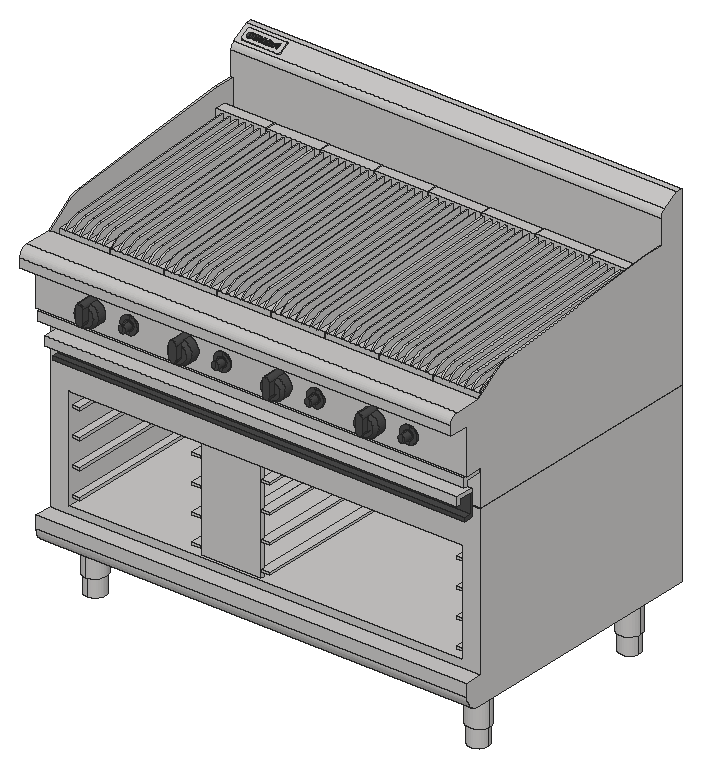
Revit family "QF_MOFFAT WALDORF_CH8120G-CB", category Specialty Equipment, Revit 2012 (continued)
Automatic sketch dimensions
  curve 101 to curve 104 = 20 mm
  curve 103 to curve 108 = 7 mm
  curve 105 to curve 106 = 20 mm
  curve 106 to curve 110 = 7 mm
  curve 109 to curve 111 = 20 mm
  curve 110 to curve 113 = 7 mm
  curve 113 to curve 115 = 20 mm
  curve 114 to curve 118 = 7 mm
  curve 117 to curve 119 = 20 mm
  curve 119 to curve 124 = 7 mm
  curve 121 to curve 123 = 20 mm
  curve 123 to curve 125 = 7 mm
  curve 125 to curve 128 = 20 mm
  curve 126 to curve 130 = 7 mm
  curve 129 to curve 130 = 20 mm
  curve 131 to curve 136 = 7 mm
  curve 133 to curve 136 = 20 mm
  curve 134 to curve 137 = 7 mm
  curve 137 to curve 140 = 20 mm
  curve 139 to curve 144 = 7 mm
  curve 141 to curve 143 = 20 mm
  curve 142 to curve 145 = 7 mm
  curve 145 to curve 148 = 20 mm
  curve 146 to curve 149 = 7 mm
  curve 149 to curve 152 = 20 mm
  plane 4 "RIGHT" to curve 64 = 3 mm
  curve 62 to plane 5 "FRONT" = 100 mm
  curve 63 to curve 6 = 49.042 mm
  curve 9 to curve 7 = 30.277 mm
  plane 1 "BACK" to curve 145 = 50.526 mm
  curve 146 to curve 149 = 0 mm
  curve 143 to curve 145 = 0 mm  (x2)
  curve 8 to curve 10 = 0.709 mm
  curve 139 to curve 141 = 0 mm  (x2)
  curve 11 to curve 14 = 0 mm
  curve 135 to curve 137 = 0 mm  (x2)
  curve 15 to curve 18 = 0 mm
  curve 131 to curve 133 = 0 mm  (x2)
  curve 19 to curve 22 = 0 mm
  curve 127 to curve 129 = 0 mm  (x2)
  curve 23 to curve 26 = 0 mm
  curve 123 to curve 125 = 0 mm  (x2)
  curve 27 to curve 30 = 0 mm
  curve 119 to curve 121 = 0 mm  (x2)
  curve 31 to curve 34 = 0 mm
  curve 115 to curve 117 = 0 mm  (x2)
  curve 35 to curve 38 = 0 mm
  curve 111 to curve 113 = 0 mm  (x2)
  curve 39 to curve 42 = 0 mm
  curve 107 to curve 109 = 0 mm  (x2)
  curve 43 to curve 46 = 0 mm
  curve 103 to curve 105 = 0 mm  (x2)
  curve 47 to curve 50 = 0 mm
  curve 99 to curve 101 = 0 mm  (x2)
  curve 51 to curve 54 = 0 mm
  curve 95 to curve 97 = 0 mm  (x2)
  curve 55 to curve 58 = 0 mm
  plane 1 "BACK" to curve 74 = 50.526 mm
  curve 91 to curve 93 = 0 mm  (x2)
  curve 59 to curve 65 = 0 mm
  curve 87 to curve 89 = 0 mm  (x2)
  curve 66 to curve 69 = 0 mm
  curve 83 to curve 85 = 0 mm  (x2)
  curve 79 to curve 81 = 0 mm  (x2)
  plane 1 "BACK" to curve 152 = 22.262 mm
  plane 1 "BACK" to curve 79 = 22.262 mm
  plane 1 "BACK" to curve 76 = 22.262 mm
  plane 1 "BACK" to curve 72 = 22.262 mm
  plane 1 "BACK" to curve 68 = 22.262 mm
  plane 1 "BACK" to curve 61 = 22.262 mm
  plane 1 "BACK" to curve 57 = 22.262 mm
  plane 1 "BACK" to curve 53 = 22.262 mm
  plane 1 "BACK" to curve 49 = 22.262 mm
  plane 1 "BACK" to curve 45 = 22.262 mm
  plane 1 "BACK" to curve 41 = 22.262 mm
  plane 1 "BACK" to curve 37 = 22.262 mm
  plane 1 "BACK" to curve 33 = 22.262 mm
  plane 1 "BACK" to curve 29 = 22.262 mm
  plane 1 "BACK" to curve 25 = 22.262 mm
  plane 1 "BACK" to curve 21 = 22.262 mm
  plane 1 "BACK" to curve 17 = 22.262 mm
  curve 13 to curve 7 = 1.304 mm
  Extrusion 1 sketch curve to plane 5 "FRONT" = 0 mm
  Extrusion 1 sketch curve to plane 6 "TOP" = 0 mm
  Extrusion 1 sketch curve to plane 1 "BACK" = 0 mm  (x2)
  Extrusion 1 sketch curve to plane 5 "FRONT" = 24 mm
  Extrusion 1 sketch curve to Extrusion 1 sketch curve = 32 mm
  Extrusion 1 sketch curve to plane 5 "FRONT" = 56 mm
  Extrusion 1 sketch curve to Extrusion 1 sketch curve = 38 mm
  Extrusion 1 sketch curve to Extrusion 1 sketch curve = 44 mm
  Extrusion 1 sketch curve to plane 5 "FRONT" = 106 mm
  Extrusion 1 sketch curve to Extrusion 1 sketch curve = 50 mm
  plane 1 "BACK" to Extrusion 1 sketch curve = 135.7 mm
  plane 1 "BACK" to Extrusion 1 sketch curve = 70 mm
  Extrusion 1 sketch curve to Extrusion 1 sketch curve = 11.291 mm  (x2)
  Extrusion 1 sketch curve to Extrusion 1 sketch curve = 16.5 mm
  Extrusion 1 sketch curve to plane 6 "TOP" = 24.369 mm
  Extrusion 1 sketch curve to plane 6 "TOP" = 215 mm
  Extrusion 1 sketch curve to Extrusion 1 sketch curve = 40 mm
  Extrusion 1 sketch curve to Extrusion 1 sketch curve = 25 mm
  Extrusion 1 sketch curve to Extrusion 1 sketch curve = 126 mm
  Extrusion 1 sketch curve to Extrusion 1 sketch curve = 100 mm
  Extrusion 1 sketch curve to Extrusion 1 sketch curve = 0.794 mm
  Extrusion 1 sketch curve to Extrusion 1 sketch curve = 54.206 mm
  level to Extrusion 1 sketch curve = 222.5 mm
  Extrusion 1 sketch curve to Extrusion 1 sketch curve = 34.5 mm
  Revolve 2 sketch curve to level = 0 mm
  level to Revolve 2 sketch curve = 50 mm
  Revolve 2 sketch curve to Revolve 2 sketch curve = 0 mm
  Revolve 2 sketch curve to Revolve 2 sketch curve = 100 mm
  Revolve 2 sketch curve to Revolve 2 sketch curve = 55 mm
  Extrusion 1 to Split face 1 sketch curve = 1.962 mm
  Split face 1 sketch curve to Extrusion 1 = 14.14 mm
  Split face 1 sketch curve to Extrusion 1 = 129.583 mm
  Split face 1 sketch curve to Split face 1 sketch curve = 20 mm
  Extrusion 1 to Split face 2 sketch curve = 1.962 mm
  Split face 2 sketch curve to Extrusion 1 = 14.14 mm
  Split face 2 sketch curve to Extrusion 1 = 156.5 mm
  Split face 2 sketch curve to Split face 2 sketch curve = 20 mm
  Extrusion 1 to Split face 3 sketch curve = 1.962 mm
  Split face 3 sketch curve to Extrusion 1 = 14.14 mm
  Split face 3 sketch curve to Extrusion 1 = 183.5 mm
  Split face 3 sketch curve to Split face 3 sketch curve = 20 mm
  Extrusion 1 to Split face 4 sketch curve = 1.962 mm
  Split face 4 sketch curve to Extrusion 1 = 14.14 mm
  Split face 4 sketch curve to Extrusion 1 = 210.5 mm
  Split face 4 sketch curve to Split face 4 sketch curve = 20 mm
  Extrusion 1 to Split face 5 sketch curve = 1.962 mm
  Split face 5 sketch curve to Extrusion 1 = 14.14 mm
  Split face 5 sketch curve to Extrusion 1 = 237.5 mm
  Split face 5 sketch curve to Split face 5 sketch curve = 20 mm
  Extrusion 1 to Split face 6 sketch curve = 1.962 mm
  Split face 6 sketch curve to Extrusion 1 = 14.14 mm
  Split face 6 sketch curve to Extrusion 1 = 264.5 mm
  Split face 6 sketch curve to Split face 6 sketch curve = 20 mm
  Extrusion 1 to Split face 7 sketch curve = 1.962 mm
  Split face 7 sketch curve to Extrusion 1 = 14.14 mm
  Split face 7 sketch curve to Extrusion 1 = 291.5 mm
  Split face 7 sketch curve to Split face 7 sketch curve = 20 mm
  Extrusion 1 to Split face 8 sketch curve = 1.962 mm
  Split face 8 sketch curve to Extrusion 1 = 14.14 mm
  Split face 8 sketch curve to Extrusion 1 = 318.5 mm
  Split face 8 sketch curve to Split face 8 sketch curve = 20 mm
  Extrusion 1 to Split face 9 sketch curve = 1.962 mm
  Split face 9 sketch curve to Extrusion 1 = 14.14 mm
  Split face 9 sketch curve to Extrusion 1 = 345.5 mm
  Split face 9 sketch curve to Split face 9 sketch curve = 20 mm
  Extrusion 1 to Split face 10 sketch curve = 1.962 mm
  Split face 10 sketch curve to Extrusion 1 = 14.14 mm
  Split face 10 sketch curve to Extrusion 1 = 372.579 mm
  Split face 10 sketch curve to Split face 10 sketch curve = 20 mm
  Extrusion 1 to Split face 11 sketch curve = 1.962 mm
  Split face 11 sketch curve to Extrusion 1 = 14.14 mm
  Split face 11 sketch curve to Extrusion 1 = 399.534 mm
  Split face 11 sketch curve to Split face 11 sketch curve = 20 mm
  Revolve 3 sketch curve to level = 0 mm
  level to Revolve 3 sketch curve = 50 mm
  Revolve 3 sketch curve to Revolve 3 sketch curve = 0 mm
  Revolve 3 sketch curve to Revolve 3 sketch curve = 100 mm
  Revolve 3 sketch curve to Revolve 3 sketch curve = 55 mm
  Revolve 4 sketch curve to level = 0 mm
  level to Revolve 4 sketch curve = 50 mm
  Revolve 4 sketch curve to plane 5 "FRONT" = 148.25 mm
  Revolve 4 sketch curve to Revolve 4 sketch curve = 4.25 mm
  Revolve 4 sketch curve to Revolve 4 sketch curve = 31.75 mm
  Revolve 4 sketch curve to Revolve 4 sketch curve = 0 mm  (x2)
  Revolve 4 sketch curve to Revolve 4 sketch curve = 55 mm
  Revolve 4 sketch curve to Revolve 4 sketch curve = 100 mm
  Revolve 5 sketch curve to level = 0 mm
  level to Revolve 5 sketch curve = 50 mm
  plane 1 "BACK" to Revolve 5 sketch curve = 131.766 mm
  Revolve 5 sketch curve to Revolve 5 sketch curve = 4.25 mm
  Revolve 5 sketch curve to Revolve 5 sketch curve = 31.75 mm
  Revolve 5 sketch curve to Revolve 5 sketch curve = 0 mm  (x2)
  Revolve 5 sketch curve to Revolve 5 sketch curve = 55 mm
  Revolve 5 sketch curve to Revolve 5 sketch curve = 100 mm
  Extrusion 6 sketch curve to plane 5 "FRONT" = 100 mm
  Extrusion 6 sketch curve to Extrusion 6 sketch curve = 64.494 mm
  Extrusion 6 sketch curve to Extrusion 6 sketch curve = 40.449 mm
  Extrusion 6 sketch curve to Extrusion 6 sketch curve = 50.034 mm
  plane 1 "BACK" to Extrusion 6 sketch curve = 121.455 mm
  Extrusion 6 sketch curve to Extrusion 6 sketch curve = 51.455 mm
  Extrusion 6 sketch curve to plane 6 "TOP" = 256.424 mm
  Extrusion 6 sketch curve to Extrusion 6 sketch curve = 1.424 mm
  Extrusion 6 sketch curve to Extrusion 6 sketch curve = 40 mm
  Extrusion 6 sketch curve to Extrusion 6 sketch curve = 45.159 mm
  Extrusion 6 sketch curve to plane 6 "TOP" = 110.8 mm
  Extrusion 7 sketch curve to plane 5 "FRONT" = 100 mm
  Extrusion 7 sketch curve to Extrusion 7 sketch curve = 64.494 mm
  Extrusion 7 sketch curve to Extrusion 7 sketch curve = 40.449 mm
  Extrusion 7 sketch curve to Extrusion 7 sketch curve = 9.585 mm
  plane 1 "BACK" to Extrusion 7 sketch curve = 121.455 mm
  Extrusion 7 sketch curve to Extrusion 7 sketch curve = 51.455 mm
  Extrusion 7 sketch curve to plane 6 "TOP" = 110.8 mm
  Extrusion 7 sketch curve to plane 6 "TOP" = 156.884 mm
  Extrusion 7 sketch curve to Extrusion 7 sketch curve = 12.957 mm
  Extrusion 7 sketch curve to Extrusion 7 sketch curve = 45.159 mm
  Extrusion 7 sketch curve to Extrusion 7 sketch curve = 40 mm
  Revolve 8 sketch curve to plane 5 "FRONT" = 12 mm
  Revolve 8 sketch curve to Revolve 8 sketch curve = 0 mm  (x2)
  Revolve 8 sketch curve to Revolve 8 sketch curve = 11 mm
  Revolve 8 sketch curve to Revolve 8 sketch curve = 12.7 mm
  Revolve 8 sketch curve to Revolve 8 sketch curve = 23 mm
  Revolve 8 sketch curve to Revolve 8 sketch curve = 10 mm
  Revolve 8 sketch curve to plane 6 "TOP" = 333 mm
  Revolve 8 sketch curve to Revolve 8 sketch curve = 5 mm
  Revolve 8 sketch curve to Revolve 8 sketch curve = 26.651 mm
  Revolve 8 sketch curve to Revolve 8 sketch curve = 5.849 mm
  plane 3 "LEFT" to Extrusion 9 sketch curve = 158.187 mm
  Extrusion 9 sketch curve to Extrusion 9 sketch curve = 10 mm
  Extrusion 9 sketch curve to plane 6 "TOP" = 341 mm
  Extrusion 9 sketch curve to Extrusion 9 sketch curve = 35 mm
  Revolve 10 sketch curve to plane 5 "FRONT" = 12 mm
  Revolve 10 sketch curve to Revolve 10 sketch curve = 0 mm  (x2)
  Revolve 10 sketch curve to Revolve 10 sketch curve = 11 mm
  Revolve 10 sketch curve to Revolve 10 sketch curve = 12.7 mm
  Revolve 10 sketch curve to Revolve 10 sketch curve = 23 mm
  Revolve 10 sketch curve to Revolve 10 sketch curve = 10 mm
  Revolve 10 sketch curve to plane 6 "TOP" = 300.5 mm
  Revolve 10 sketch curve to Revolve 10 sketch curve = 5.849 mm
  Revolve 10 sketch curve to Revolve 10 sketch curve = 27.5 mm
  Revolve 10 sketch curve to Revolve 10 sketch curve = 5 mm
  Extrusion 11 sketch curve to plane 7 "Center Y" = 162.102 mm
  Extrusion 11 sketch curve to Extrusion 11 sketch curve = 10 mm
  Extrusion 11 sketch curve to plane 6 "TOP" = 306 mm
  Extrusion 11 sketch curve to Extrusion 11 sketch curve = 35 mm
  Revolve 12 sketch curve to plane 5 "FRONT" = 20.12 mm
  Revolve 12 sketch curve to Revolve 12 sketch curve = 6.83 mm
  Revolve 12 sketch curve to Revolve 12 sketch curve = 15.2 mm
  Revolve 12 sketch curve to Revolve 12 sketch curve = 1.144 mm
  Revolve 12 sketch curve to Revolve 12 sketch curve = 3.85 mm
  Revolve 12 sketch curve to Revolve 12 sketch curve = 0 mm  (x2)
  Revolve 12 sketch curve to Revolve 12 sketch curve = 10 mm
  Revolve 12 sketch curve to plane 6 "TOP" = 333 mm
  Revolve 12 sketch curve to Revolve 12 sketch curve = 5 mm
  Revolve 12 sketch curve to Revolve 12 sketch curve = 4.825 mm
  Revolve 12 sketch curve to Revolve 12 sketch curve = 3.025 mm
  Revolve 12 sketch curve to Revolve 12 sketch curve = 11.15 mm
  Revolve 13 sketch curve to plane 5 "FRONT" = 20.12 mm
  Revolve 13 sketch curve to Revolve 13 sketch curve = 6.83 mm
  Revolve 13 sketch curve to Revolve 13 sketch curve = 15.2 mm
  Revolve 13 sketch curve to Revolve 13 sketch curve = 1.144 mm
  Revolve 13 sketch curve to Revolve 13 sketch curve = 3.85 mm
  Revolve 13 sketch curve to Revolve 13 sketch curve = 0 mm  (x2)
  Revolve 13 sketch curve to Revolve 13 sketch curve = 10 mm
  Revolve 13 sketch curve to plane 6 "TOP" = 333 mm
  Revolve 13 sketch curve to Revolve 13 sketch curve = 5 mm
  Revolve 13 sketch curve to Revolve 13 sketch curve = 4.825 mm
  Revolve 13 sketch curve to Revolve 13 sketch curve = 3.025 mm
  Revolve 13 sketch curve to Revolve 13 sketch curve = 11.15 mm
  Extrusion 14 sketch curve to plane 5 "FRONT" = 128 mm
  Extrusion 14 sketch curve to Extrusion 14 sketch curve = 46.148 mm
  Extrusion 14 sketch curve to Extrusion 14 sketch curve = 50.262 mm
  plane 1 "BACK" to Extrusion 14 sketch curve = 132 mm
  Extrusion 14 sketch curve to plane 6 "TOP" = 265.155 mm
  Extrusion 14 sketch curve to plane 6 "TOP" = 219.636 mm
  Extrusion 14 sketch curve to Extrusion 14 sketch curve = 52.486 mm
  Extrusion 15 sketch curve to plane 5 "FRONT" = 128 mm
  Extrusion 15 sketch curve to Extrusion 15 sketch curve = 46.148 mm
  Extrusion 15 sketch curve to Extrusion 15 sketch curve = 50.262 mm
  plane 1 "BACK" to Extrusion 15 sketch curve = 132 mm
  Extrusion 15 sketch curve to plane 6 "TOP" = 265.155 mm
  Extrusion 15 sketch curve to plane 6 "TOP" = 219.636 mm
  Extrusion 15 sketch curve to Extrusion 15 sketch curve = 52.486 mm
  Extrusion 16 sketch curve to plane 5 "FRONT" = 128 mm
  Extrusion 16 sketch curve to Extrusion 16 sketch curve = 46.148 mm
  Extrusion 16 sketch curve to Extrusion 16 sketch curve = 50.262 mm
  plane 1 "BACK" to Extrusion 16 sketch curve = 132 mm
  Extrusion 16 sketch curve to plane 6 "TOP" = 265.155 mm
  Extrusion 16 sketch curve to plane 6 "TOP" = 219.636 mm
  Extrusion 16 sketch curve to Extrusion 16 sketch curve = 52.486 mm
  Extrusion 17 sketch curve to plane 5 "FRONT" = 128 mm
  Extrusion 17 sketch curve to Extrusion 17 sketch curve = 46.148 mm
  Extrusion 17 sketch curve to Extrusion 17 sketch curve = 4.114 mm
  plane 1 "BACK" to Extrusion 17 sketch curve = 132 mm
  Extrusion 17 sketch curve to plane 6 "TOP" = 265.155 mm
  Extrusion 17 sketch curve to plane 6 "TOP" = 219.636 mm
  Extrusion 17 sketch curve to Extrusion 17 sketch curve = 52.486 mm
  Extrusion 18 sketch curve to plane 5 "FRONT" = 128 mm
  Extrusion 18 sketch curve to Extrusion 18 sketch curve = 46.148 mm
  Extrusion 18 sketch curve to Extrusion 18 sketch curve = 50.262 mm
  plane 1 "BACK" to Extrusion 18 sketch curve = 132 mm
  Extrusion 18 sketch curve to plane 6 "TOP" = 265.155 mm
  Extrusion 18 sketch curve to plane 6 "TOP" = 219.636 mm
  Extrusion 18 sketch curve to Extrusion 18 sketch curve = 52.486 mm
  Extrusion 19 sketch curve to plane 5 "FRONT" = 128 mm
  Extrusion 19 sketch curve to Extrusion 19 sketch curve = 46.148 mm
  Extrusion 19 sketch curve to Extrusion 19 sketch curve = 50.262 mm
  plane 1 "BACK" to Extrusion 19 sketch curve = 132 mm
  Extrusion 19 sketch curve to plane 6 "TOP" = 265.155 mm
  Extrusion 19 sketch curve to plane 6 "TOP" = 219.636 mm
  Extrusion 19 sketch curve to Extrusion 19 sketch curve = 52.486 mm
  Extrusion 20 sketch curve to plane 5 "FRONT" = 128 mm
  Extrusion 20 sketch curve to Extrusion 20 sketch curve = 46.148 mm
  Extrusion 20 sketch curve to Extrusion 20 sketch curve = 50.262 mm
  plane 1 "BACK" to Extrusion 20 sketch curve = 132 mm
  Extrusion 20 sketch curve to plane 6 "TOP" = 265.155 mm
  Extrusion 20 sketch curve to plane 6 "TOP" = 219.636 mm
  Extrusion 20 sketch curve to Extrusion 20 sketch curve = 52.486 mm
  Extrusion 21 sketch curve to plane 5 "FRONT" = 128 mm
  Extrusion 21 sketch curve to Extrusion 21 sketch curve = 46.148 mm
  Extrusion 21 sketch curve to Extrusion 21 sketch curve = 4.114 mm
  plane 1 "BACK" to Extrusion 21 sketch curve = 132 mm
  Extrusion 21 sketch curve to plane 6 "TOP" = 265.155 mm
  Extrusion 21 sketch curve to plane 6 "TOP" = 219.636 mm
  Extrusion 21 sketch curve to Extrusion 21 sketch curve = 52.486 mm
  Extrusion 22 sketch curve to plane 5 "FRONT" = 128 mm
  Extrusion 22 sketch curve to Extrusion 22 sketch curve = 46.148 mm
  Extrusion 22 sketch curve to Extrusion 22 sketch curve = 50.262 mm
  plane 1 "BACK" to Extrusion 22 sketch curve = 132 mm
  Extrusion 22 sketch curve to plane 6 "TOP" = 265.155 mm
  Extrusion 22 sketch curve to plane 6 "TOP" = 219.636 mm
  Extrusion 22 sketch curve to Extrusion 22 sketch curve = 52.486 mm
  Extrusion 23 sketch curve to plane 5 "FRONT" = 128 mm
  Extrusion 23 sketch curve to Extrusion 23 sketch curve = 46.148 mm
  Extrusion 23 sketch curve to Extrusion 23 sketch curve = 4.114 mm
  plane 1 "BACK" to Extrusion 23 sketch curve = 132 mm
  Extrusion 23 sketch curve to plane 6 "TOP" = 265.155 mm
  Extrusion 23 sketch curve to plane 6 "TOP" = 219.636 mm
  Extrusion 23 sketch curve to Extrusion 23 sketch curve = 52.486 mm
  Extrusion 24 sketch curve to plane 5 "FRONT" = 128 mm
  Extrusion 24 sketch curve to Extrusion 24 sketch curve = 46.148 mm
  Extrusion 24 sketch curve to Extrusion 24 sketch curve = 4.114 mm
  plane 1 "BACK" to Extrusion 24 sketch curve = 132 mm
  Extrusion 24 sketch curve to plane 6 "TOP" = 265.155 mm
  Extrusion 24 sketch curve to plane 6 "TOP" = 219.636 mm
  Extrusion 24 sketch curve to Extrusion 24 sketch curve = 52.486 mm
  Extrusion 25 sketch curve to plane 5 "FRONT" = 128 mm
  Extrusion 25 sketch curve to Extrusion 25 sketch curve = 46.148 mm
  Extrusion 25 sketch curve to Extrusion 25 sketch curve = 4.114 mm
  plane 1 "BACK" to Extrusion 25 sketch curve = 132 mm
  Extrusion 25 sketch curve to plane 6 "TOP" = 265.155 mm
  Extrusion 25 sketch curve to plane 6 "TOP" = 219.636 mm
  Extrusion 25 sketch curve to Extrusion 25 sketch curve = 52.486 mm
  Extrusion 26 sketch curve to plane 5 "FRONT" = 128 mm
  Extrusion 26 sketch curve to Extrusion 26 sketch curve = 46.148 mm
  Extrusion 26 sketch curve to Extrusion 26 sketch curve = 50.262 mm
  plane 1 "BACK" to Extrusion 26 sketch curve = 132 mm
  Extrusion 26 sketch curve to plane 6 "TOP" = 265.155 mm
  Extrusion 26 sketch curve to plane 6 "TOP" = 219.636 mm
  Extrusion 26 sketch curve to Extrusion 26 sketch curve = 52.486 mm
  Extrusion 27 sketch curve to plane 5 "FRONT" = 128 mm
  Extrusion 27 sketch curve to Extrusion 27 sketch curve = 46.148 mm
  Extrusion 27 sketch curve to Extrusion 27 sketch curve = 4.114 mm
  plane 1 "BACK" to Extrusion 27 sketch curve = 132 mm
  Extrusion 27 sketch curve to plane 6 "TOP" = 265.155 mm
  Extrusion 27 sketch curve to plane 6 "TOP" = 219.636 mm
  Extrusion 27 sketch curve to Extrusion 27 sketch curve = 52.486 mm
  Extrusion 28 sketch curve to plane 5 "FRONT" = 128 mm
  Extrusion 28 sketch curve to Extrusion 28 sketch curve = 46.148 mm
  Extrusion 28 sketch curve to Extrusion 28 sketch curve = 50.262 mm
  plane 1 "BACK" to Extrusion 28 sketch curve = 132 mm
  Extrusion 28 sketch curve to plane 6 "TOP" = 265.155 mm
  Extrusion 28 sketch curve to plane 6 "TOP" = 219.636 mm
  Extrusion 28 sketch curve to Extrusion 28 sketch curve = 52.486 mm
  Extrusion 29 sketch curve to plane 5 "FRONT" = 128 mm
  Extrusion 29 sketch curve to Extrusion 29 sketch curve = 46.148 mm
  Extrusion 29 sketch curve to Extrusion 29 sketch curve = 50.262 mm
  plane 1 "BACK" to Extrusion 29 sketch curve = 132 mm
  Extrusion 29 sketch curve to plane 6 "TOP" = 265.155 mm
  Extrusion 29 sketch curve to plane 6 "TOP" = 219.636 mm
  Extrusion 29 sketch curve to Extrusion 29 sketch curve = 52.486 mm
  Extrusion 30 sketch curve to plane 5 "FRONT" = 128 mm
  Extrusion 30 sketch curve to Extrusion 30 sketch curve = 46.148 mm
  Extrusion 30 sketch curve to Extrusion 30 sketch curve = 4.114 mm
  plane 1 "BACK" to Extrusion 30 sketch curve = 132 mm
  Extrusion 30 sketch curve to plane 6 "TOP" = 265.155 mm
  Extrusion 30 sketch curve to plane 6 "TOP" = 219.636 mm
  Extrusion 30 sketch curve to Extrusion 30 sketch curve = 52.486 mm
  Extrusion 31 sketch curve to plane 5 "FRONT" = 128 mm
  Extrusion 31 sketch curve to Extrusion 31 sketch curve = 46.148 mm
  Extrusion 31 sketch curve to Extrusion 31 sketch curve = 50.262 mm
  plane 1 "BACK" to Extrusion 31 sketch curve = 132 mm
  Extrusion 31 sketch curve to plane 6 "TOP" = 265.155 mm
  Extrusion 31 sketch curve to plane 6 "TOP" = 219.636 mm
  Extrusion 31 sketch curve to Extrusion 31 sketch curve = 52.486 mm
  Extrusion 32 sketch curve to plane 5 "FRONT" = 128 mm
  Extrusion 32 sketch curve to Extrusion 32 sketch curve = 46.148 mm
  Extrusion 32 sketch curve to Extrusion 32 sketch curve = 50.262 mm
  plane 1 "BACK" to Extrusion 32 sketch curve = 132 mm
  Extrusion 32 sketch curve to plane 6 "TOP" = 265.155 mm
  Extrusion 32 sketch curve to plane 6 "TOP" = 219.636 mm
  Extrusion 32 sketch curve to Extrusion 32 sketch curve = 52.486 mm
  Extrusion 33 sketch curve to plane 5 "FRONT" = 128 mm
  Extrusion 33 sketch curve to Extrusion 33 sketch curve = 46.148 mm
  Extrusion 33 sketch curve to Extrusion 33 sketch curve = 50.262 mm
  plane 1 "BACK" to Extrusion 33 sketch curve = 132 mm
  Extrusion 33 sketch curve to plane 6 "TOP" = 265.155 mm
  Extrusion 33 sketch curve to plane 6 "TOP" = 219.636 mm
  Extrusion 33 sketch curve to Extrusion 33 sketch curve = 52.486 mm
  Extrusion 34 sketch curve to plane 5 "FRONT" = 128 mm
  Extrusion 34 sketch curve to Extrusion 34 sketch curve = 46.148 mm
  Extrusion 34 sketch curve to Extrusion 34 sketch curve = 50.262 mm
  plane 1 "BACK" to Extrusion 34 sketch curve = 132 mm
  Extrusion 34 sketch curve to plane 6 "TOP" = 265.155 mm
  Extrusion 34 sketch curve to Extrusion 34 sketch curve = 45.518 mm
  Extrusion 34 sketch curve to Extrusion 34 sketch curve = 52.486 mm
  Extrusion 35 sketch curve to plane 5 "FRONT" = 128 mm
  Extrusion 35 sketch curve to Extrusion 35 sketch curve = 46.148 mm
  Extrusion 35 sketch curve to Extrusion 35 sketch curve = 4.114 mm
  plane 1 "BACK" to Extrusion 35 sketch curve = 132 mm
  Extrusion 35 sketch curve to plane 6 "TOP" = 265.155 mm
  Extrusion 35 sketch curve to plane 6 "TOP" = 219.636 mm
  Extrusion 35 sketch curve to Extrusion 35 sketch curve = 52.486 mm
  Extrusion 36 sketch curve to plane 5 "FRONT" = 128 mm
  Extrusion 36 sketch curve to Extrusion 36 sketch curve = 46.148 mm
  Extrusion 36 sketch curve to Extrusion 36 sketch curve = 4.114 mm
  plane 1 "BACK" to Extrusion 36 sketch curve = 132 mm
  Extrusion 36 sketch curve to plane 6 "TOP" = 265.155 mm
  Extrusion 36 sketch curve to plane 6 "TOP" = 219.636 mm
  Extrusion 36 sketch curve to Extrusion 36 sketch curve = 52.486 mm
  Extrusion 37 sketch curve to plane 5 "FRONT" = 128 mm
  Extrusion 37 sketch curve to Extrusion 37 sketch curve = 46.148 mm
  Extrusion 37 sketch curve to Extrusion 37 sketch curve = 4.114 mm
  plane 1 "BACK" to Extrusion 37 sketch curve = 132 mm
  Extrusion 37 sketch curve to plane 6 "TOP" = 265.155 mm
  Extrusion 37 sketch curve to plane 6 "TOP" = 219.636 mm
  Extrusion 37 sketch curve to Extrusion 37 sketch curve = 52.486 mm
  Extrusion 38 sketch curve to plane 5 "FRONT" = 128 mm
  Extrusion 38 sketch curve to Extrusion 38 sketch curve = 46.148 mm
  Extrusion 38 sketch curve to Extrusion 38 sketch curve = 4.114 mm
  plane 1 "BACK" to Extrusion 38 sketch curve = 132 mm
  Extrusion 38 sketch curve to plane 6 "TOP" = 265.155 mm
  Extrusion 38 sketch curve to plane 6 "TOP" = 219.636 mm
  Extrusion 38 sketch curve to Extrusion 38 sketch curve = 52.486 mm
  Extrusion 39 sketch curve to plane 5 "FRONT" = 128 mm
  Extrusion 39 sketch curve to Extrusion 39 sketch curve = 46.148 mm
  Extrusion 39 sketch curve to Extrusion 39 sketch curve = 4.114 mm
  plane 1 "BACK" to Extrusion 39 sketch curve = 132 mm
  Extrusion 39 sketch curve to plane 6 "TOP" = 265.155 mm
  Extrusion 39 sketch curve to plane 6 "TOP" = 219.636 mm
  Extrusion 39 sketch curve to Extrusion 39 sketch curve = 52.486 mm
  Extrusion 40 sketch curve to plane 5 "FRONT" = 128 mm
  Extrusion 40 sketch curve to Extrusion 40 sketch curve = 46.148 mm
  Extrusion 40 sketch curve to Extrusion 40 sketch curve = 50.262 mm
  plane 1 "BACK" to Extrusion 40 sketch curve = 132 mm
  Extrusion 40 sketch curve to plane 6 "TOP" = 265.155 mm
  Extrusion 40 sketch curve to plane 6 "TOP" = 219.636 mm
  Extrusion 40 sketch curve to Extrusion 40 sketch curve = 52.486 mm
  plane 1 "BACK" to Extrusion 41 sketch curve = 32 mm
  Extrusion 42 sketch curve to plane 5 "FRONT" = 81 mm
  Extrusion 42 sketch curve to Extrusion 42 sketch curve = 20 mm
  Extrusion 42 sketch curve to Extrusion 42 sketch curve = 18.654 mm
  Extrusion 42 sketch curve to plane 6 "TOP" = 521.953 mm
  Extrusion 42 sketch curve to Extrusion 42 sketch curve = 10 mm
  Extrusion 42 sketch curve to Extrusion 42 sketch curve = 53.75 mm
  Extrusion 43 sketch curve to plane 5 "FRONT" = 53.73 mm
  Extrusion 43 sketch curve to Extrusion 43 sketch curve = 10 mm  (x2)
  Extrusion 43 sketch curve to Extrusion 43 sketch curve = 42.27 mm
  Extrusion 43 sketch curve to plane 6 "TOP" = 418.781 mm
  Extrusion 43 sketch curve to Extrusion 43 sketch curve = 15 mm
  Split face 12 sketch curve to cut or joined group of Extrusion 1, Extrusion 6, Extrusion 7, Extrusion 87, Extrusion 90 = 1.25 mm
  Split face 12 sketch curve to cut or joined group of Extrusion 1, Extrusion 6, Extrusion 7, Extrusion 87, Extrusion 90 = 24.993 mm
  cut or joined group of Extrusion 1, Extrusion 6, Extrusion 7, Extrusion 87, Extrusion 90 to Split face 12 sketch curve = 1.25 mm
  Split face 12 sketch curve to cut or joined group of Extrusion 1, Extrusion 6, Extrusion 7, Extrusion 87, Extrusion 90 = 25.12 mm
  Extrusion 44 sketch curve to plane 5 "FRONT" = 53.73 mm
  Extrusion 44 sketch curve to Extrusion 44 sketch curve = 10 mm  (x2)
  Extrusion 44 sketch curve to Extrusion 44 sketch curve = 55.924 mm
  Extrusion 44 sketch curve to plane 6 "TOP" = 473.203 mm
  Extrusion 44 sketch curve to Extrusion 44 sketch curve = 15 mm
  Extrusion 45 sketch curve to plane 5 "FRONT" = 128 mm
  plane 1 "BACK" to Extrusion 45 sketch curve = 132 mm
  Extrusion 45 sketch curve to Extrusion 45 sketch curve = 30 mm
  Extrusion 45 sketch curve to plane 6 "TOP" = 255 mm
  Extrusion 45 sketch curve to Extrusion 45 sketch curve = 35.364 mm
  Extrusion 45 sketch curve to Extrusion 45 sketch curve = 59.636 mm
  Extrusion 46 sketch curve to plane 5 "FRONT" = 128 mm
  plane 1 "BACK" to Extrusion 46 sketch curve = 132 mm
  Extrusion 46 sketch curve to Extrusion 46 sketch curve = 30 mm
  Extrusion 46 sketch curve to plane 6 "TOP" = 255 mm
  Extrusion 46 sketch curve to Extrusion 46 sketch curve = 35.364 mm
  Extrusion 46 sketch curve to Extrusion 46 sketch curve = 59.636 mm
  Extrusion 47 sketch curve to plane 5 "FRONT" = 128 mm
  plane 1 "BACK" to Extrusion 47 sketch curve = 132 mm
  Extrusion 47 sketch curve to Extrusion 47 sketch curve = 30 mm
  Extrusion 47 sketch curve to plane 6 "TOP" = 255 mm
  Extrusion 47 sketch curve to Extrusion 47 sketch curve = 35.364 mm
  Extrusion 47 sketch curve to Extrusion 47 sketch curve = 59.636 mm
  Extrusion 48 sketch curve to plane 5 "FRONT" = 128 mm
  plane 1 "BACK" to Extrusion 48 sketch curve = 132 mm
  Extrusion 48 sketch curve to Extrusion 48 sketch curve = 30 mm
  Extrusion 48 sketch curve to plane 6 "TOP" = 255 mm
  Extrusion 48 sketch curve to Extrusion 48 sketch curve = 35.364 mm
  Extrusion 48 sketch curve to Extrusion 48 sketch curve = 59.636 mm
  Extrusion 49 sketch curve to plane 5 "FRONT" = 128 mm
  Extrusion 49 sketch curve to Extrusion 49 sketch curve = 46.148 mm
  Extrusion 49 sketch curve to Extrusion 49 sketch curve = 50.262 mm
  plane 1 "BACK" to Extrusion 49 sketch curve = 132 mm
  Extrusion 49 sketch curve to plane 6 "TOP" = 265.155 mm
  Extrusion 49 sketch curve to Extrusion 49 sketch curve = 45.518 mm
  Extrusion 49 sketch curve to Extrusion 49 sketch curve = 52.486 mm
  Extrusion 50 sketch curve to plane 5 "FRONT" = 128 mm
  Extrusion 50 sketch curve to Extrusion 50 sketch curve = 46.148 mm
  Extrusion 50 sketch curve to Extrusion 50 sketch curve = 50.262 mm
  plane 1 "BACK" to Extrusion 50 sketch curve = 132 mm
  Extrusion 50 sketch curve to plane 6 "TOP" = 265.155 mm
  Extrusion 50 sketch curve to plane 6 "TOP" = 219.636 mm
  Extrusion 50 sketch curve to Extrusion 50 sketch curve = 52.486 mm
  Extrusion 51 sketch curve to plane 5 "FRONT" = 128 mm
  Extrusion 51 sketch curve to Extrusion 51 sketch curve = 46.148 mm
  Extrusion 51 sketch curve to Extrusion 51 sketch curve = 4.114 mm
  plane 1 "BACK" to Extrusion 51 sketch curve = 132 mm
  Extrusion 51 sketch curve to plane 6 "TOP" = 265.155 mm
  Extrusion 51 sketch curve to plane 6 "TOP" = 219.636 mm
  Extrusion 51 sketch curve to Extrusion 51 sketch curve = 52.486 mm
  Extrusion 52 sketch curve to plane 5 "FRONT" = 128 mm
  Extrusion 52 sketch curve to Extrusion 52 sketch curve = 46.148 mm
  Extrusion 52 sketch curve to Extrusion 52 sketch curve = 4.114 mm
  plane 1 "BACK" to Extrusion 52 sketch curve = 132 mm
  Extrusion 52 sketch curve to plane 6 "TOP" = 265.155 mm
  Extrusion 52 sketch curve to plane 6 "TOP" = 219.636 mm
  Extrusion 52 sketch curve to Extrusion 52 sketch curve = 52.486 mm
  Extrusion 53 sketch curve to plane 5 "FRONT" = 128 mm
  Extrusion 53 sketch curve to Extrusion 53 sketch curve = 46.148 mm
  Extrusion 53 sketch curve to Extrusion 53 sketch curve = 4.114 mm
  plane 1 "BACK" to Extrusion 53 sketch curve = 132 mm
  Extrusion 53 sketch curve to plane 6 "TOP" = 265.155 mm
  Extrusion 53 sketch curve to plane 6 "TOP" = 219.636 mm
  Extrusion 53 sketch curve to Extrusion 53 sketch curve = 52.486 mm
  Extrusion 54 sketch curve to plane 5 "FRONT" = 128 mm
  Extrusion 54 sketch curve to Extrusion 54 sketch curve = 46.148 mm
  Extrusion 54 sketch curve to Extrusion 54 sketch curve = 4.114 mm
  plane 1 "BACK" to Extrusion 54 sketch curve = 132 mm
  Extrusion 54 sketch curve to plane 6 "TOP" = 265.155 mm
  Extrusion 54 sketch curve to plane 6 "TOP" = 219.636 mm
  Extrusion 54 sketch curve to Extrusion 54 sketch curve = 52.486 mm
  Extrusion 55 sketch curve to plane 5 "FRONT" = 128 mm
  Extrusion 55 sketch curve to Extrusion 55 sketch curve = 46.148 mm
  Extrusion 55 sketch curve to Extrusion 55 sketch curve = 50.262 mm
  plane 1 "BACK" to Extrusion 55 sketch curve = 132 mm
  Extrusion 55 sketch curve to plane 6 "TOP" = 265.155 mm
  Extrusion 55 sketch curve to plane 6 "TOP" = 219.636 mm
  Extrusion 55 sketch curve to Extrusion 55 sketch curve = 52.486 mm
  Extrusion 56 sketch curve to plane 5 "FRONT" = 128 mm
  plane 1 "BACK" to Extrusion 56 sketch curve = 132 mm
  Extrusion 56 sketch curve to Extrusion 56 sketch curve = 30 mm
  Extrusion 56 sketch curve to plane 6 "TOP" = 255 mm
  Extrusion 56 sketch curve to Extrusion 56 sketch curve = 35.364 mm
  Extrusion 56 sketch curve to Extrusion 56 sketch curve = 59.636 mm
  Extrusion 57 sketch curve to plane 5 "FRONT" = 128 mm
  Extrusion 57 sketch curve to Extrusion 57 sketch curve = 46.148 mm
  Extrusion 57 sketch curve to Extrusion 57 sketch curve = 50.262 mm
  plane 1 "BACK" to Extrusion 57 sketch curve = 132 mm
  Extrusion 57 sketch curve to plane 6 "TOP" = 265.155 mm
  Extrusion 57 sketch curve to Extrusion 57 sketch curve = 45.518 mm
  Extrusion 57 sketch curve to Extrusion 57 sketch curve = 52.486 mm
  Extrusion 58 sketch curve to plane 5 "FRONT" = 128 mm
  Extrusion 58 sketch curve to Extrusion 58 sketch curve = 46.148 mm
  Extrusion 58 sketch curve to Extrusion 58 sketch curve = 50.262 mm
  plane 1 "BACK" to Extrusion 58 sketch curve = 132 mm
  Extrusion 58 sketch curve to plane 6 "TOP" = 265.155 mm
  Extrusion 58 sketch curve to plane 6 "TOP" = 219.636 mm
  Extrusion 58 sketch curve to Extrusion 58 sketch curve = 52.486 mm
  Extrusion 59 sketch curve to plane 5 "FRONT" = 128 mm
  Extrusion 59 sketch curve to Extrusion 59 sketch curve = 46.148 mm
  Extrusion 59 sketch curve to Extrusion 59 sketch curve = 4.114 mm
  plane 1 "BACK" to Extrusion 59 sketch curve = 132 mm
  Extrusion 59 sketch curve to plane 6 "TOP" = 265.155 mm
  Extrusion 59 sketch curve to plane 6 "TOP" = 219.636 mm
  Extrusion 59 sketch curve to Extrusion 59 sketch curve = 52.486 mm
  Extrusion 60 sketch curve to plane 5 "FRONT" = 128 mm
  Extrusion 60 sketch curve to Extrusion 60 sketch curve = 46.148 mm
  Extrusion 60 sketch curve to Extrusion 60 sketch curve = 4.114 mm
  plane 1 "BACK" to Extrusion 60 sketch curve = 132 mm
  Extrusion 60 sketch curve to plane 6 "TOP" = 265.155 mm
  Extrusion 60 sketch curve to plane 6 "TOP" = 219.636 mm
  Extrusion 60 sketch curve to Extrusion 60 sketch curve = 52.486 mm
  Extrusion 61 sketch curve to plane 5 "FRONT" = 128 mm
  Extrusion 61 sketch curve to Extrusion 61 sketch curve = 46.148 mm
  Extrusion 61 sketch curve to Extrusion 61 sketch curve = 50.262 mm
  plane 1 "BACK" to Extrusion 61 sketch curve = 132 mm
  Extrusion 61 sketch curve to plane 6 "TOP" = 265.155 mm
  Extrusion 61 sketch curve to plane 6 "TOP" = 219.636 mm
  Extrusion 61 sketch curve to Extrusion 61 sketch curve = 52.486 mm
  Extrusion 62 sketch curve to plane 5 "FRONT" = 128 mm
  Extrusion 62 sketch curve to Extrusion 62 sketch curve = 46.148 mm
  Extrusion 62 sketch curve to Extrusion 62 sketch curve = 4.114 mm
  plane 1 "BACK" to Extrusion 62 sketch curve = 132 mm
  Extrusion 62 sketch curve to plane 6 "TOP" = 265.155 mm
  Extrusion 62 sketch curve to plane 6 "TOP" = 219.636 mm
  Extrusion 62 sketch curve to Extrusion 62 sketch curve = 52.486 mm
  Extrusion 63 sketch curve to plane 5 "FRONT" = 128 mm
  Extrusion 63 sketch curve to Extrusion 63 sketch curve = 46.148 mm
  Extrusion 63 sketch curve to Extrusion 63 sketch curve = 4.114 mm
  plane 1 "BACK" to Extrusion 63 sketch curve = 132 mm
  Extrusion 63 sketch curve to plane 6 "TOP" = 265.155 mm
  Extrusion 63 sketch curve to plane 6 "TOP" = 219.636 mm
  Extrusion 63 sketch curve to Extrusion 63 sketch curve = 52.486 mm
  Extrusion 64 sketch curve to plane 5 "FRONT" = 128 mm
  plane 1 "BACK" to Extrusion 64 sketch curve = 132 mm
  Extrusion 64 sketch curve to Extrusion 64 sketch curve = 30 mm
  Extrusion 64 sketch curve to plane 6 "TOP" = 255 mm
  Extrusion 64 sketch curve to Extrusion 64 sketch curve = 35.364 mm
  Extrusion 64 sketch curve to Extrusion 64 sketch curve = 59.636 mm
  Extrusion 1 to Split face 13 sketch curve = 1.962 mm
  Split face 13 sketch curve to Extrusion 1 = 14.14 mm
  Split face 13 sketch curve to Extrusion 1 = 426.534 mm
  Split face 13 sketch curve to Split face 13 sketch curve = 20 mm
  Extrusion 1 to Split face 14 sketch curve = 1.962 mm
  Split face 14 sketch curve to Extrusion 1 = 14.14 mm
  Split face 14 sketch curve to Extrusion 1 = 453.567 mm
  Split face 14 sketch curve to Split face 14 sketch curve = 20 mm
  Extrusion 1 to Split face 15 sketch curve = 1.962 mm
  Split face 15 sketch curve to Extrusion 1 = 14.14 mm
  Split face 15 sketch curve to Extrusion 1 = 480.567 mm
  Split face 15 sketch curve to Split face 15 sketch curve = 20 mm
  Extrusion 1 to Split face 16 sketch curve = 1.962 mm
  Split face 16 sketch curve to Extrusion 1 = 14.14 mm
  Split face 16 sketch curve to Extrusion 1 = 507.567 mm
  Split face 16 sketch curve to Split face 16 sketch curve = 20 mm
  Extrusion 1 to Split face 17 sketch curve = 1.962 mm
  Split face 17 sketch curve to Extrusion 1 = 14.14 mm
  Split face 17 sketch curve to Extrusion 1 = 534.567 mm
  Split face 17 sketch curve to Split face 17 sketch curve = 20 mm
  Extrusion 1 to Split face 18 sketch curve = 1.962 mm
  Split face 18 sketch curve to Extrusion 1 = 14.14 mm
  Split face 18 sketch curve to Extrusion 1 = 561.567 mm
  Split face 18 sketch curve to Split face 18 sketch curve = 20 mm
  Extrusion 1 to Split face 19 sketch curve = 1.962 mm
  Split face 19 sketch curve to Extrusion 1 = 14.14 mm
  Split face 19 sketch curve to Extrusion 1 = 588.567 mm
  Split face 19 sketch curve to Split face 19 sketch curve = 20 mm
  Extrusion 1 to Split face 20 sketch curve = 1.962 mm
  Split face 20 sketch curve to Extrusion 1 = 14.14 mm
  Split face 20 sketch curve to Extrusion 1 = 584.433 mm
  Split face 20 sketch curve to Split face 20 sketch curve = 20 mm
  Extrusion 1 to Split face 21 sketch curve = 1.962 mm
  Split face 21 sketch curve to Extrusion 1 = 14.14 mm
  Split face 21 sketch curve to Extrusion 1 = 557.466 mm
  Split face 21 sketch curve to Split face 21 sketch curve = 20 mm
  Extrusion 1 to Split face 22 sketch curve = 1.962 mm
  Split face 22 sketch curve to Extrusion 1 = 14.14 mm
  Split face 22 sketch curve to Extrusion 1 = 530.466 mm
  Split face 22 sketch curve to Split face 22 sketch curve = 20 mm
  Extrusion 1 to Split face 23 sketch curve = 1.962 mm
  Split face 23 sketch curve to Extrusion 1 = 14.14 mm
  Split face 23 sketch curve to Extrusion 1 = 503.466 mm
  Split face 23 sketch curve to Split face 23 sketch curve = 20 mm
  Extrusion 1 to Split face 24 sketch curve = 1.962 mm
  Split face 24 sketch curve to Extrusion 1 = 14.14 mm
  Split face 24 sketch curve to Extrusion 1 = 476.466 mm
  Split face 24 sketch curve to Split face 24 sketch curve = 20 mm
  Extrusion 1 to Split face 25 sketch curve = 1.962 mm
  Split face 25 sketch curve to Extrusion 1 = 14.14 mm
  Split face 25 sketch curve to Extrusion 1 = 449.466 mm
  Split face 25 sketch curve to Split face 25 sketch curve = 20 mm
  Revolve 65 sketch curve to plane 5 "FRONT" = 12 mm
  Revolve 65 sketch curve to Revolve 65 sketch curve = 0 mm  (x2)
  Revolve 65 sketch curve to Revolve 65 sketch curve = 11 mm
  Revolve 65 sketch curve to Revolve 65 sketch curve = 12.7 mm
  Revolve 65 sketch curve to Revolve 65 sketch curve = 23 mm
  Revolve 65 sketch curve to Revolve 65 sketch curve = 10 mm
  Revolve 65 sketch curve to plane 6 "TOP" = 300.5 mm
  Revolve 65 sketch curve to Revolve 65 sketch curve = 5.849 mm
  Revolve 65 sketch curve to Revolve 65 sketch curve = 27.5 mm
  Revolve 65 sketch curve to Revolve 65 sketch curve = 5 mm
  plane 7 "Center Y" to Extrusion 66 sketch curve = 98.009 mm
  Extrusion 66 sketch curve to Extrusion 66 sketch curve = 10 mm
  Extrusion 66 sketch curve to plane 6 "TOP" = 306 mm
  Extrusion 66 sketch curve to Extrusion 66 sketch curve = 35 mm
  Revolve 67 sketch curve to plane 5 "FRONT" = 20.12 mm
  Revolve 67 sketch curve to Revolve 67 sketch curve = 6.83 mm
  Revolve 67 sketch curve to Revolve 67 sketch curve = 15.2 mm
  Revolve 67 sketch curve to Revolve 67 sketch curve = 1.144 mm
  Revolve 67 sketch curve to Revolve 67 sketch curve = 3.85 mm
  Revolve 67 sketch curve to Revolve 67 sketch curve = 0 mm  (x2)
  Revolve 67 sketch curve to Revolve 67 sketch curve = 10 mm
  Revolve 67 sketch curve to plane 6 "TOP" = 333 mm
  Revolve 67 sketch curve to Revolve 67 sketch curve = 5 mm
  Revolve 67 sketch curve to Revolve 67 sketch curve = 4.825 mm
  Revolve 67 sketch curve to Revolve 67 sketch curve = 3.025 mm
  Revolve 67 sketch curve to Revolve 67 sketch curve = 11.15 mm
  Revolve 68 sketch curve to plane 5 "FRONT" = 12 mm
  Revolve 68 sketch curve to Revolve 68 sketch curve = 0 mm  (x2)
  Revolve 68 sketch curve to Revolve 68 sketch curve = 11 mm
  Revolve 68 sketch curve to Revolve 68 sketch curve = 12.7 mm
  Revolve 68 sketch curve to Revolve 68 sketch curve = 23 mm
  Revolve 68 sketch curve to Revolve 68 sketch curve = 10 mm
  Revolve 68 sketch curve to plane 6 "TOP" = 300.5 mm
  Revolve 68 sketch curve to Revolve 68 sketch curve = 5.849 mm
  Revolve 68 sketch curve to Revolve 68 sketch curve = 27.5 mm
  Revolve 68 sketch curve to Revolve 68 sketch curve = 5 mm
  plane 4 "RIGHT" to Extrusion 69 sketch curve = 241.991 mm
  Extrusion 69 sketch curve to Extrusion 69 sketch curve = 10 mm
  Extrusion 69 sketch curve to plane 6 "TOP" = 306 mm
  Extrusion 69 sketch curve to Extrusion 69 sketch curve = 35 mm
  Revolve 70 sketch curve to plane 5 "FRONT" = 20.12 mm
  Revolve 70 sketch curve to Revolve 70 sketch curve = 6.83 mm
  Revolve 70 sketch curve to Revolve 70 sketch curve = 15.2 mm
  Revolve 70 sketch curve to Revolve 70 sketch curve = 1.144 mm
  Revolve 70 sketch curve to Revolve 70 sketch curve = 3.85 mm
  Revolve 70 sketch curve to Revolve 70 sketch curve = 0 mm  (x2)
  Revolve 70 sketch curve to Revolve 70 sketch curve = 10 mm
  Revolve 70 sketch curve to plane 6 "TOP" = 333 mm
  Revolve 70 sketch curve to Revolve 70 sketch curve = 5 mm
  Revolve 70 sketch curve to Revolve 70 sketch curve = 4.825 mm
  Revolve 70 sketch curve to Revolve 70 sketch curve = 3.025 mm
  Revolve 70 sketch curve to Revolve 70 sketch curve = 11.15 mm
  Extrusion 71 sketch curve to plane 5 "FRONT" = 128 mm
  Extrusion 71 sketch curve to Extrusion 71 sketch curve = 46.148 mm
  Extrusion 71 sketch curve to Extrusion 71 sketch curve = 50.262 mm
  plane 1 "BACK" to Extrusion 71 sketch curve = 132 mm
  Extrusion 71 sketch curve to plane 6 "TOP" = 265.155 mm
  Extrusion 71 sketch curve to Extrusion 71 sketch curve = 45.518 mm
  Extrusion 71 sketch curve to Extrusion 71 sketch curve = 52.486 mm
  Extrusion 72 sketch curve to plane 5 "FRONT" = 128 mm
  Extrusion 72 sketch curve to Extrusion 72 sketch curve = 46.148 mm
  Extrusion 72 sketch curve to Extrusion 72 sketch curve = 50.262 mm
  plane 1 "BACK" to Extrusion 72 sketch curve = 132 mm
  Extrusion 72 sketch curve to plane 6 "TOP" = 265.155 mm
  Extrusion 72 sketch curve to plane 6 "TOP" = 219.636 mm
  Extrusion 72 sketch curve to Extrusion 72 sketch curve = 52.486 mm
  Extrusion 73 sketch curve to plane 5 "FRONT" = 128 mm
  Extrusion 73 sketch curve to Extrusion 73 sketch curve = 46.148 mm
  Extrusion 73 sketch curve to Extrusion 73 sketch curve = 4.114 mm
  plane 1 "BACK" to Extrusion 73 sketch curve = 132 mm
  Extrusion 73 sketch curve to plane 6 "TOP" = 265.155 mm
  Extrusion 73 sketch curve to plane 6 "TOP" = 219.636 mm
  Extrusion 73 sketch curve to Extrusion 73 sketch curve = 52.486 mm
  Extrusion 74 sketch curve to plane 5 "FRONT" = 128 mm
  Extrusion 74 sketch curve to Extrusion 74 sketch curve = 46.148 mm
  Extrusion 74 sketch curve to Extrusion 74 sketch curve = 50.262 mm
  plane 1 "BACK" to Extrusion 74 sketch curve = 132 mm
  Extrusion 74 sketch curve to plane 6 "TOP" = 265.155 mm
  Extrusion 74 sketch curve to plane 6 "TOP" = 219.636 mm
  Extrusion 74 sketch curve to Extrusion 74 sketch curve = 52.486 mm
  Extrusion 75 sketch curve to plane 5 "FRONT" = 128 mm
  Extrusion 75 sketch curve to Extrusion 75 sketch curve = 46.148 mm
  Extrusion 75 sketch curve to Extrusion 75 sketch curve = 50.262 mm
  plane 1 "BACK" to Extrusion 75 sketch curve = 132 mm
  Extrusion 75 sketch curve to plane 6 "TOP" = 265.155 mm
  Extrusion 75 sketch curve to plane 6 "TOP" = 219.636 mm
  Extrusion 75 sketch curve to Extrusion 75 sketch curve = 52.486 mm
  Extrusion 76 sketch curve to plane 5 "FRONT" = 128 mm
  Extrusion 76 sketch curve to Extrusion 76 sketch curve = 46.148 mm
  Extrusion 76 sketch curve to Extrusion 76 sketch curve = 50.262 mm
  plane 1 "BACK" to Extrusion 76 sketch curve = 132 mm
  Extrusion 76 sketch curve to plane 6 "TOP" = 265.155 mm
  Extrusion 76 sketch curve to plane 6 "TOP" = 219.636 mm
  Extrusion 76 sketch curve to Extrusion 76 sketch curve = 52.486 mm
  Extrusion 77 sketch curve to plane 5 "FRONT" = 128 mm
  Extrusion 77 sketch curve to Extrusion 77 sketch curve = 46.148 mm
  Extrusion 77 sketch curve to Extrusion 77 sketch curve = 50.262 mm
  plane 1 "BACK" to Extrusion 77 sketch curve = 132 mm
  Extrusion 77 sketch curve to plane 6 "TOP" = 265.155 mm
  Extrusion 77 sketch curve to plane 6 "TOP" = 219.636 mm
  Extrusion 77 sketch curve to Extrusion 77 sketch curve = 52.486 mm
  Extrusion 78 sketch curve to plane 5 "FRONT" = 128 mm
  plane 1 "BACK" to Extrusion 78 sketch curve = 132 mm
  Extrusion 78 sketch curve to Extrusion 78 sketch curve = 30 mm
  Extrusion 78 sketch curve to plane 6 "TOP" = 255 mm
  Extrusion 78 sketch curve to Extrusion 78 sketch curve = 35.364 mm
  Extrusion 78 sketch curve to Extrusion 78 sketch curve = 59.636 mm
  Extrusion 79 sketch curve to plane 5 "FRONT" = 128 mm
  Extrusion 79 sketch curve to Extrusion 79 sketch curve = 46.148 mm
  Extrusion 79 sketch curve to Extrusion 79 sketch curve = 50.262 mm
  plane 1 "BACK" to Extrusion 79 sketch curve = 132 mm
  Extrusion 79 sketch curve to plane 6 "TOP" = 265.155 mm
  Extrusion 79 sketch curve to Extrusion 79 sketch curve = 45.518 mm
  Extrusion 79 sketch curve to Extrusion 79 sketch curve = 52.486 mm
  Extrusion 80 sketch curve to plane 5 "FRONT" = 128 mm
  Extrusion 80 sketch curve to Extrusion 80 sketch curve = 46.148 mm
  Extrusion 80 sketch curve to Extrusion 80 sketch curve = 4.114 mm
  plane 1 "BACK" to Extrusion 80 sketch curve = 132 mm
  Extrusion 80 sketch curve to plane 6 "TOP" = 265.155 mm
  Extrusion 80 sketch curve to plane 6 "TOP" = 219.636 mm
  Extrusion 80 sketch curve to Extrusion 80 sketch curve = 52.486 mm
  Extrusion 81 sketch curve to plane 5 "FRONT" = 128 mm
  Extrusion 81 sketch curve to Extrusion 81 sketch curve = 46.148 mm
  Extrusion 81 sketch curve to Extrusion 81 sketch curve = 4.114 mm
  plane 1 "BACK" to Extrusion 81 sketch curve = 132 mm
  Extrusion 81 sketch curve to plane 6 "TOP" = 265.155 mm
  Extrusion 81 sketch curve to plane 6 "TOP" = 219.636 mm
  Extrusion 81 sketch curve to Extrusion 81 sketch curve = 52.486 mm
  Extrusion 82 sketch curve to plane 5 "FRONT" = 128 mm
  Extrusion 82 sketch curve to Extrusion 82 sketch curve = 46.148 mm
  Extrusion 82 sketch curve to Extrusion 82 sketch curve = 4.114 mm
  plane 1 "BACK" to Extrusion 82 sketch curve = 132 mm
  Extrusion 82 sketch curve to plane 6 "TOP" = 265.155 mm
  Extrusion 82 sketch curve to plane 6 "TOP" = 219.636 mm
  Extrusion 82 sketch curve to Extrusion 82 sketch curve = 52.486 mm
  Extrusion 83 sketch curve to plane 5 "FRONT" = 128 mm
  Extrusion 83 sketch curve to Extrusion 83 sketch curve = 46.148 mm
  Extrusion 83 sketch curve to Extrusion 83 sketch curve = 50.262 mm
  plane 1 "BACK" to Extrusion 83 sketch curve = 132 mm
  Extrusion 83 sketch curve to plane 6 "TOP" = 265.155 mm
  Extrusion 83 sketch curve to plane 6 "TOP" = 219.636 mm
  Extrusion 83 sketch curve to Extrusion 83 sketch curve = 52.486 mm
  Extrusion 84 sketch curve to plane 5 "FRONT" = 128 mm
  Extrusion 84 sketch curve to Extrusion 84 sketch curve = 46.148 mm
  Extrusion 84 sketch curve to Extrusion 84 sketch curve = 4.114 mm
  plane 1 "BACK" to Extrusion 84 sketch curve = 132 mm
  Extrusion 84 sketch curve to plane 6 "TOP" = 265.155 mm
  Extrusion 84 sketch curve to plane 6 "TOP" = 219.636 mm
  Extrusion 84 sketch curve to Extrusion 84 sketch curve = 52.486 mm
  Extrusion 85 sketch curve to plane 5 "FRONT" = 128 mm
  Extrusion 85 sketch curve to Extrusion 85 sketch curve = 46.148 mm
  Extrusion 85 sketch curve to Extrusion 85 sketch curve = 4.114 mm
  plane 1 "BACK" to Extrusion 85 sketch curve = 132 mm
  Extrusion 85 sketch curve to plane 6 "TOP" = 265.155 mm
  Extrusion 85 sketch curve to plane 6 "TOP" = 219.636 mm
  Extrusion 85 sketch curve to Extrusion 85 sketch curve = 52.486 mm
  Extrusion 86 sketch curve to plane 5 "FRONT" = 128 mm
  plane 1 "BACK" to Extrusion 86 sketch curve = 132 mm
  Extrusion 86 sketch curve to Extrusion 86 sketch curve = 30 mm
  Extrusion 86 sketch curve to plane 6 "TOP" = 255 mm
  Extrusion 86 sketch curve to Extrusion 86 sketch curve = 35.364 mm
  Extrusion 86 sketch curve to Extrusion 86 sketch curve = 59.636 mm
  Extrusion 1 to Split face 26 sketch curve = 1.962 mm
  Split face 26 sketch curve to Extrusion 1 = 14.14 mm
  Split face 26 sketch curve to Extrusion 1 = 422.466 mm
  Split face 26 sketch curve to Split face 26 sketch curve = 20 mm
  Extrusion 1 to Split face 27 sketch curve = 1.962 mm
  Split face 27 sketch curve to Extrusion 1 = 14.14 mm
  Split face 27 sketch curve to Extrusion 1 = 395.466 mm
  Split face 27 sketch curve to Split face 27 sketch curve = 20 mm
  Extrusion 1 to Split face 28 sketch curve = 1.962 mm
  Split face 28 sketch curve to Extrusion 1 = 14.14 mm
  Split face 28 sketch curve to Extrusion 1 = 368.466 mm
  Split face 28 sketch curve to Split face 28 sketch curve = 20 mm
  Extrusion 1 to Split face 29 sketch curve = 1.962 mm
  Split face 29 sketch curve to Extrusion 1 = 14.14 mm
  Split face 29 sketch curve to Extrusion 1 = 341.466 mm
  Split face 29 sketch curve to Split face 29 sketch curve = 20 mm
  Extrusion 1 to Split face 30 sketch curve = 1.962 mm
  Split face 30 sketch curve to Extrusion 1 = 14.14 mm
  Split face 30 sketch curve to Extrusion 1 = 314.466 mm
  Split face 30 sketch curve to Split face 30 sketch curve = 20 mm
  Extrusion 1 to Split face 31 sketch curve = 1.962 mm
  Split face 31 sketch curve to Extrusion 1 = 14.14 mm
  Split face 31 sketch curve to Extrusion 1 = 287.466 mm
  Split face 31 sketch curve to Split face 31 sketch curve = 20 mm
  Extrusion 1 to Split face 32 sketch curve = 1.962 mm
  Split face 32 sketch curve to Extrusion 1 = 14.14 mm
  Split face 32 sketch curve to Extrusion 1 = 260.466 mm
  Split face 32 sketch curve to Split face 32 sketch curve = 20 mm
  Extrusion 1 to Split face 33 sketch curve = 1.962 mm
  Split face 33 sketch curve to Extrusion 1 = 14.14 mm
  Split face 33 sketch curve to Extrusion 1 = 233.466 mm
  Split face 33 sketch curve to Split face 33 sketch curve = 20 mm
  Extrusion 1 to Split face 34 sketch curve = 1.962 mm
  Split face 34 sketch curve to Extrusion 1 = 14.14 mm
  Split face 34 sketch curve to Extrusion 1 = 206.466 mm
  Split face 34 sketch curve to Split face 34 sketch curve = 20 mm
  Extrusion 1 to Split face 35 sketch curve = 1.962 mm
  Split face 35 sketch curve to Extrusion 1 = 14.14 mm
  Split face 35 sketch curve to Extrusion 1 = 179.466 mm
  Split face 35 sketch curve to Split face 35 sketch curve = 20 mm
  Extrusion 1 to Split face 36 sketch curve = 1.962 mm
  Split face 36 sketch curve to Extrusion 1 = 14.14 mm
  Split face 36 sketch curve to Extrusion 1 = 152.466 mm
  Split face 36 sketch curve to Split face 36 sketch curve = 20 mm
  Extrusion 1 to Extrusion 87 sketch curve = 0 mm
  Extrusion 87 sketch curve to Extrusion 1 = 0 mm  (x3)
  Extrusion 1 to Extrusion 87 sketch curve = 20 mm
  Extrusion 1 to Extrusion 87 sketch curve = 50 mm  (x2)
  Extrusion 88 sketch curve to plane 7 "Center Y" = 21.5 mm
  level to Extrusion 88 sketch curve = 242.5 mm
  Extrusion 88 sketch curve to Extrusion 88 sketch curve = 287.5 mm
  Extrusion 88 sketch curve to Extrusion 88 sketch curve = 166 mm
  plane 3 "LEFT" to Extrusion 89 sketch curve = 75 mm  (x2)
  level to Extrusion 89 sketch curve = 258.75 mm  (x3)
  Extrusion 89 sketch curve to plane 7 "Center Y" = 20.75 mm  (x4)
  Extrusion 89 sketch curve to Extrusion 89 sketch curve = 0 mm  (x6)
  plane 4 "RIGHT" to Extrusion 89 sketch curve = 50 mm  (x4)
  Extrusion 89 sketch curve to Extrusion 89 sketch curve = 6.35 mm  (x16)
  Extrusion 89 sketch curve to Extrusion 89 sketch curve = 68.65 mm  (x12)
  plane 7 "Center Y" to Extrusion 89 sketch curve = 4.25 mm  (x4)
  Extrusion 89 sketch curve to Extrusion 89 sketch curve = 25 mm  (x12)
  Extrusion 89 sketch curve to Extrusion 89 sketch curve = 168.5 mm
  plane 3 "LEFT" to Extrusion 90 sketch curve = 153.512 mm
  Extrusion 90 sketch curve to Extrusion 90 sketch curve = 81 mm
  Extrusion 90 sketch curve to Extrusion 90 sketch curve = 48.5 mm
  plane 1 "BACK" to Extrusion 90 sketch curve = 87.26 mm
  plane 1 "BACK" to Extrusion 90 sketch curve = 38.76 mm
  Extrusion 90 sketch curve to plane 1 "BACK" = 30.24 mm
  radius of Extrusion 41 sketch curve = 13.5 mm
Nested families
  nested 1: "WALDORF LOGO_FACE BASE" at (12.5, -23.079, 1126.202) x (1, 0, 0) z (0, -0.5, 0.866), visible <- "Show Logo", type "WALDORF LOGO_FACE BASE", detail levels medium+fine
    with Show Logo yes
Connectors
  piping at (216, -32, 555)
    settings: on Extrusion 41, index 1, connector radius 0.37402", flow factor 0, pipe flow 0 GPM, pressure drop 0.00 psi, fitting loss kfactor 0, connector angle 0.00°, fixture units 0, engagement length 0 mm, flow configuration 1, flow direction 1, fitting loss method 0, system type 7, joint type 0, gender type 0, connector reference index -1, connector utility 0, adjustable connector no, is connector primary yes, fitting loss table "", connector description "GAS CONNECTION"
Definition of nested family "WALDORF LOGO_FACE BASE"
  Parameters (values of type "WALDORF LOGO_FACE BASE")
    Show Logo [instance] = yes
    Default Elevation = 1219.2 mm
  Reference planes
    plane 1 "Center (Front/Back)": y = 0
    plane 2: z = 0
    plane 3 "Center (Left/Right)": x = 0
  Forms (mm)
    Extrusion 1, solid
      sketch origin (0, 0, 0) x (1, 0, 0) y (0, 1, 0)
        loop
          line (-1219.2, 1219.2) -> (-1219.2, -1219.2) -> (1219.2, -1219.2) -> (1219.2, 1219.2) -> (-1219.2, 1219.2)
      from 0 to -304.8
    Extrusion 2, solid, material "QF_Finishes_Stainless Steel", visible <- "Show Logo"
      sketch origin (0, -33.217, 0) x (1, 0, 0) y (0, 1, 0)
        loop
          arc (5, 34.14) -> (1.464, 32.676) -> (0, 29.14) r 5
          line (0, 29.14) -> (0, 5)
          arc (0, 5) -> (1.464, 1.464) -> (5, 0) r 5
          line (5, 0) -> (104, 0)
          arc (104, 0) -> (107.536, 1.464) -> (109, 5) r 5
          line (109, 5) -> (109, 29.14)
          arc (109, 29.14) -> (107.536, 32.676) -> (104, 34.14) r 5
          line (104, 34.14) -> (5, 34.14)
      from 0 to 1.588
    Extrusion 3, solid, material "QF_Finishes_Black", visible <- "Show Logo"
      sketch origin (0, -33.217, 1.588) x (1, 0, 0) y (0, 1, 0)
        loop
          line (24.772, 23.214) -> (27.992, 10.301) -> (31.551, 10.301) -> (33.443, 17.364) -> (35.205, 10.301) -> (39.332, 10.301) -> (42.077, 23.214) -> (38.352, 23.214) -> (36.676, 15.33) -> (35, 23.214) -> (31.752, 23.214) -> (30.076, 15.33) -> (28.4, 23.214) -> (24.772, 23.214)
        loop
          line (42.272, 17.055) -> (45.703, 17.055)
          spline (45.703, 17.055) -> (45.741, 17.285) -> (45.852, 17.499) -> (46.028, 17.682) -> (46.258, 17.823) -> (46.526, 17.912) -> (46.813, 17.942) -> (47.1, 17.912) -> (47.368, 17.823) -> (47.597, 17.682) -> (47.774, 17.499) -> (47.884, 17.285) -> (47.922, 17.055)
          line (47.922, 17.055) -> (47.922, 16.222)
